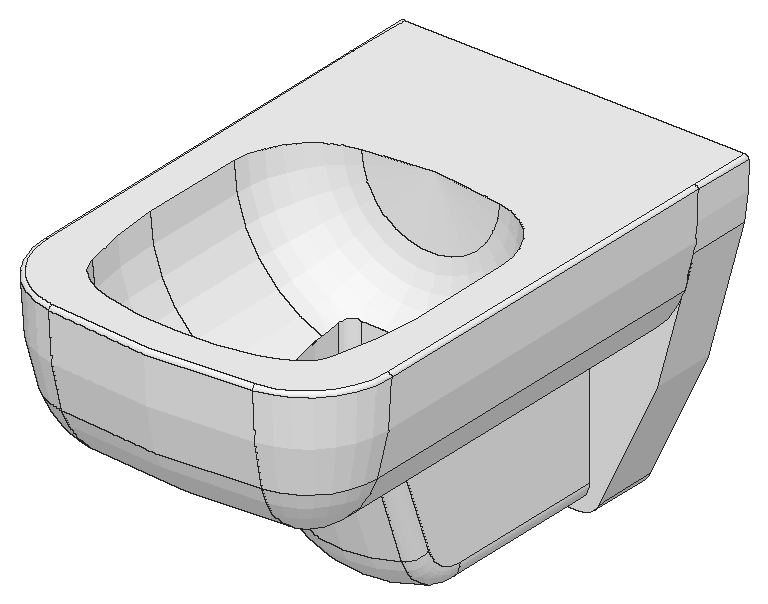
Revit family "NLRS_74_PF_UN_toilet_S8203500000_SPHINX_BCB", category Plumbing Fixtures, Revit 2016
Family settings
  Part Type = Normal
  Round Connector Dimension = Use Diameter
  OmniClass Number = 23.45.00.00
  OmniClass Title = Sanitary, Laundry, and Cleaning Equipment
  Work Plane-Based = No
  Always vertical = Yes
  Cut with Voids When Loaded = No
  Shared = No
  Room Calculation Point = No
Parameters (values of type "toilet_S8203500000")
  NLRS_C_type = "Wandcloset diepspoel"  # constant formula
  NLRS_C_serie = "Sphinx 320"  # constant formula
  NLRS_C_revit_versie = "2016"
  NLRS_C_content_versie = "2.0"
  NLRS_C_content_provider = "BouwConnect"
  NLRS_C_content_datum_uitgifte = "APR-2018"
  NLRS_C_content_datum_gewijzigd = "APR-2018"
  NLRS_C_content_creator = "BouwConnect"
  NLRS_C_URL_product_data = "http://www.sphinx.nl/producten/toiletten-%7C-bidets-%7C-urinoirs/wandclosets/sphinx-320-%7C-wandcloset/28654/#gref"
  NLRS_C_code_artikel = "S8203500000"  # constant formula
  URL = "http://www.sphinx.nl/"
  NLRS_S_gewicht = 16.40 kg  # constant formula
  NLRS_C_materiaal = NLRS_g3_porcelein_wit
  NLRS_C_lengte = 540 mm  # constant formula
  NLRS_C_hoogte = 340 mm  # constant formula
  NLRS_C_diameter_uit = 102 mm  # constant formula
  NLRS_C_diameter_in = 55 mm  # constant formula
  NLRS_C_breedte = 360 mm  # constant formula
  Manufacturer = "Sphinx"
  IfcTypeProduct = "IfcSanitaryTerminalType"  # constant formula
  IfcExportType = "TOILETPAN"  # constant formula
  IfcExportAs = "IfcSanitaryTerminalTypeEnum"  # constant formula
  IfcElement = "IfcFlowTerminal"  # constant formula
  NLRS_C_code_EAN = "8711754407459"  # constant formula
  Description = "toilet"
  NLRS_C_URL_BCB = "http://bcb-online.nl/?zoekterm=Sphinx+++%5bGeberit+B.V.%5d"
Values of the unnamed type that differ from the named types
  NLRS_C_revit_versie = ""
  NLRS_C_content_versie = ""
  NLRS_C_content_provider = ""
  NLRS_C_content_datum_uitgifte = ""
  NLRS_C_content_datum_gewijzigd = ""
  NLRS_C_content_creator = ""
Reference planes
  plane 1 "Center (Front/Back)": y = 0
  plane 2: z = 0
  plane 3 "Center (Left/Right)": x = 0
Forms (mm)
  Sweep 1, solid, material "NLRS_g3_porcelein_wit" <- "NLRS_C_materiaal"
    path origin (0, 0, 0) x (0, 1, 0) y (0, 0, 1)
      loop
        line (-339.387, -156.834) -> (-291.15, -289.364)
        arc (-291.15, -289.364) -> (-265.521, -322.763) -> (-225.371, -335.422) r 70
        line (-225.371, -335.422) -> (0.029, -335.422)
    profile origin (0, -315.268, -223.099) x (0, 0.939693, 0.34202) y (1, 0, 0)
      loop
        line (69.422, -65) -> (69.422, 65) -> (28.378, 65)
        arc (28.378, 65) -> (17.067, 61.494) -> (9.721, 52.205) r 20
        arc (9.721, 52.205) -> (-0.015, 0.008) -> (9.692, -52.195) r 145
        arc (9.692, -52.195) -> (17.038, -61.491) -> (28.354, -65) r 20
        line (28.354, -65) -> (69.422, -65)
  Extrusion 2, solid, material "NLRS_g3_porcelein_wit" <- "NLRS_C_materiaal"
    sketch origin (0, 0, 0) x (1, 0, 0) y (0, 0, 1)
      loop
        arc (-76.318, -322.293) -> (-67.152, -331.591) -> (-54.549, -335) r 25
        line (-54.549, -335) -> (54.549, -335)
        arc (54.549, -335) -> (67.152, -331.591) -> (76.318, -322.293) r 25
        arc (76.318, -322.293) -> (134.301, -196.34) -> (170.768, -62.562) r 839.747
        arc (170.768, -62.562) -> (174.56, -33.332) -> (175.152, -3.863) r 270.742
        arc (175.152, -3.863) -> (173.933, -1.123) -> (171.154, 0) r 4
        line (171.154, 0) -> (-171.154, 0)
        arc (-171.154, 0) -> (-173.933, -1.123) -> (-175.152, -3.863) r 4
        arc (-175.152, -3.863) -> (-174.56, -33.332) -> (-170.768, -62.562) r 270.742
        arc (-170.768, -62.562) -> (-134.301, -196.34) -> (-76.318, -322.293) r 839.747
    from 0 to 63
  Sweep 3, solid, material "NLRS_g3_porcelein_wit" <- "NLRS_C_materiaal"
    path origin (0, 0, 0) x (1, 0, 0) y (0, 1, 0)
      loop
        line (-175.152, -63) -> (-175.152, -448.7)
        arc (-175.152, -448.7) -> (-154.51, -504.225) -> (-102.612, -532.782) r 85
        arc (-102.612, -532.782) -> (0, -540.344) -> (102.612, -532.782) r 700
        arc (102.612, -532.782) -> (154.51, -504.225) -> (175.152, -448.7) r 85
        line (175.152, -448.7) -> (175.152, -63)
    profile origin (-175.152, -255.85, 0) x (1, 0, 0) y (0, 0, 1)
      loop
        line (84, 0) -> (3.998, 0)
        arc (3.998, 0) -> (1.218, -1.123) -> (0, -3.863) r 4
        arc (0, -3.863) -> (2.688, -52.333) -> (13.988, -99.544) r 270.742
        arc (13.988, -99.544) -> (36.686, -137.241) -> (73.144, -161.88) r 102.07
        arc (73.144, -161.88) -> (74.952, -162.405) -> (76.826, -162.582) r 10
        line (76.826, -162.582) -> (84, -162.582) -> (84, 0)
  Extrusion 4, solid, material "NLRS_g3_porcelein_wit" <- "NLRS_C_materiaal"
    sketch origin (0, 0, 0) x (1, 0, 0) y (0, 1, 0)
      loop
        line (-95.152, -63) -> (-95.152, -452.999)
        arc (-95.152, -452.999) -> (0, -460.344) -> (95.152, -452.999) r 620
        line (95.152, -452.999) -> (95.152, -63) -> (-95.152, -63)
    from -162.582 to 0
  Revolve 5, void
    sketch origin (-1000, 0, 0) x (1, 0, 0) y (0, 1, 0)
      loop
        line (1134.983, -365.011) -> (1134.983, -260.011)
        arc (1134.983, -260.011) -> (1116.452, -208.809) -> (1069.444, -181.328) r 80
        arc (1069.444, -181.328) -> (1034.866, -176.585) -> (1000, -175) r 384.18
        line (1000, -175) -> (1000, -501.48)
        arc (1000, -501.48) -> (1037.64, -499.243) -> (1074.75, -492.563) r 317.753
        arc (1074.75, -492.563) -> (1088.936, -487.897) -> (1102.195, -481.024) r 93.138
        arc (1102.195, -481.024) -> (1114.818, -469.457) -> (1122.458, -454.135) r 46.976
        arc (1122.458, -454.135) -> (1131.837, -410.011) -> (1134.983, -365.011) r 323.338
      axis (1000, -175) -> (1000, -501.48)
    angle from 0 to 360
  Extrusion 6, solid, material "NLRS_g3_porcelein_wit" <- "NLRS_C_materiaal"
    sketch origin (0, 0, 0) x (0, 1, 0) y (0, 0, 1)
      loop
        line (-293.393, -162.582) -> (-253.072, -273.362) -> (-61.305, -273.362) -> (-61.305, -162.582) -> (-293.393, -162.582)
    from -65 to 65
  Extrusion 7, void
    sketch origin (-1000, 0, 75) x (1, 0, 0) y (0, 0, 1)
      loop
        circle (1000, -265) r 50
    from -50 to 50
  Extrusion 8, void
    sketch origin (-1000, 0, 29.987) x (1, 0, 0) y (0, 0, 1)
      loop
        circle (1000, -85) r 30
    from -50 to 50
  Extrusion 9, solid, not visible
    sketch origin (-30, 0, 29.987) x (1, 0, 0) y (0, 0, 1)
      loop
        circle (30, -85) r 30
    from -2 to 0
  Extrusion 10, solid, not visible
    sketch origin (-25, 0, 75) x (1, 0, 0) y (0, 0, 1)
      loop
        circle (25, -265) r 50
    from -2 to 0
  Extrusion 11, void
    sketch origin (0, 0, 0) x (1, 0, 0) y (0, 1, 0)
      loop
        arc (33.783, -226.225) -> (0, -223.182) -> (-33.783, -226.225) r 189.044
        arc (-33.783, -226.225) -> (-42.397, -231.112) -> (-46.087, -240.302) r 15
        arc (-46.087, -240.302) -> (-45.268, -269.716) -> (-40.159, -298.694) r 200.842
        arc (-40.159, -298.694) -> (0, -323.39) -> (40.159, -298.694) r 45
        arc (40.159, -298.694) -> (45.268, -269.716) -> (46.087, -240.302) r 200.842
        arc (46.087, -240.302) -> (42.397, -231.112) -> (33.783, -226.225) r 15
    from -200 to -100
  Extrusion 12, solid, material "NLRS_g3_porcelein_wit" <- "NLRS_C_materiaal", detail levels coarse
    sketch origin (-0.009, 0, 0) x (1, 0, 0) y (0, 1, 0)
      loop
        line (-174.991, 0) -> (-174.991, -448)
        arc (-174.991, -448) -> (-147.166, -515.175) -> (-79.991, -543) r 95
        line (-79.991, -543) -> (80.009, -543)
        arc (80.009, -543) -> (147.184, -515.175) -> (175.009, -448) r 95
        line (175.009, -448) -> (175.009, 0) -> (-174.991, 0)
    from -340 to 0
  Extrusion 13, void, detail levels coarse
    sketch origin (-0.009, -41.345, 0) x (1, 0, 0) y (0, 1, 0)
      loop
        arc (135.024, -218.666) -> (116.493, -167.465) -> (69.485, -139.984) r 80
        arc (69.485, -139.984) -> (34.907, -135.241) -> (0.041, -133.655) r 384.18
        arc (0.041, -133.655) -> (-34.825, -135.241) -> (-69.403, -139.984) r 384.18
        arc (-69.403, -139.984) -> (-116.412, -167.465) -> (-134.943, -218.666) r 80
        line (-134.943, -218.666) -> (-134.943, -323.666)
        arc (-134.943, -323.666) -> (-131.796, -368.666) -> (-122.417, -412.79) r 323.338
        arc (-122.417, -412.79) -> (-114.778, -428.113) -> (-102.154, -439.68) r 46.976
        arc (-102.154, -439.68) -> (-88.896, -446.553) -> (-74.709, -451.218) r 93.138
        arc (-74.709, -451.218) -> (-37.599, -457.898) -> (0.041, -460.136) r 317.753
        arc (0.041, -460.136) -> (37.681, -457.898) -> (74.79, -451.218) r 317.753
        arc (74.79, -451.218) -> (88.977, -446.553) -> (102.236, -439.68) r 93.138
        arc (102.236, -439.68) -> (114.859, -428.113) -> (122.499, -412.79) r 46.976
        arc (122.499, -412.79) -> (131.877, -368.666) -> (135.024, -323.666) r 323.338
        line (135.024, -323.666) -> (135.024, -218.666)
    from -200 to 10
Cuts and joins
  Revolve 5, Extrusion 7, Extrusion 11 cuts Sweep 1
  Revolve 5, Extrusion 7, Extrusion 8, Extrusion 11 cuts Extrusion 2
  Revolve 5, Extrusion 11 cuts Sweep 3
  Revolve 5, Extrusion 11 cuts Extrusion 4
  Revolve 5, Extrusion 11 cuts Extrusion 6
  joined: Sweep 1, Extrusion 2, Sweep 3, Extrusion 4, Extrusion 6
  Extrusion 13 cuts Extrusion 12
Dimensions and locks
  aligned and locked: level to plane 2
Connectors
  piping at (0, 0, -190), diameter 102, driven by "NLRS_C_diameter_uit"
    settings: on cut or joined group 1 (Sweep 1, Extrusion 2, Sweep 3, Extrusion 4, Revolve 5, Extrusion 6, Extrusion 7, Extrusion 8, Extrusion 11), index 1, connector inside diameter 609.6 mm, connector length 0 mm, flow factor 0, pipe flow 0.0 L/s, pressure drop 0.0 Pa, fitting loss kfactor 0, connector angle 0.00°, fixture units 0, engagement length 0 mm, angle of deflection 0.00°, flow configuration 3, flow direction 2, fitting loss method 0, system type 16, joint type 0, gender type 0, connector reference index -1, connector utility 0, adjustable connector no, is connector primary yes, connector description "out"
  piping at (0, 0, -55.013), diameter 55, driven by "NLRS_C_diameter_in"
    settings: on cut or joined group 1, index 2, connector inside diameter 609.6 mm, connector length 0 mm, flow factor 0, pipe flow 0.0 L/s, pressure drop 0.0 Pa, fitting loss kfactor 0, connector angle 0.00°, fixture units 0, engagement length 0 mm, angle of deflection 0.00°, flow configuration 3, flow direction 1, fitting loss method 0, system type 16, joint type 0, gender type 0, connector reference index -1, connector utility 0, adjustable connector no, is connector primary no, connector description "in"
